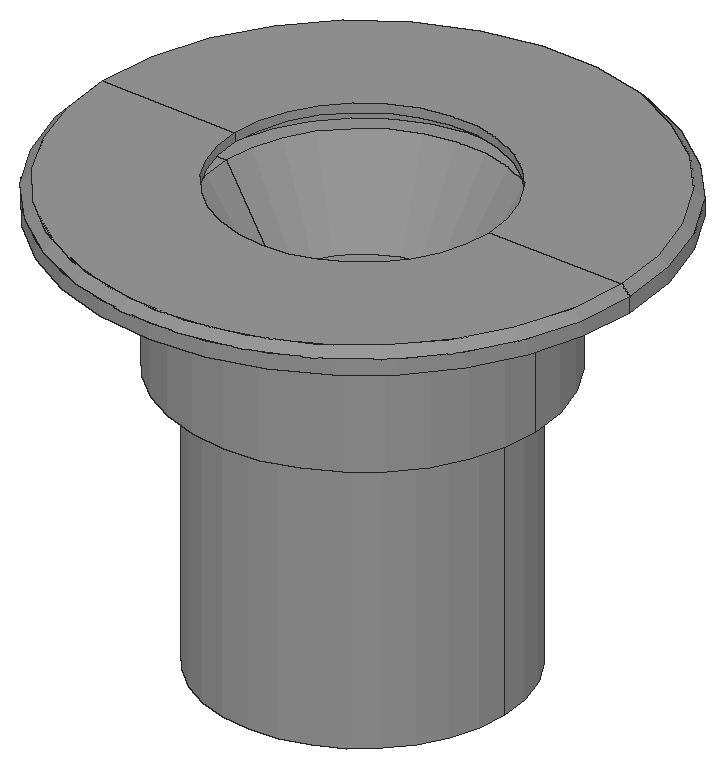
Revit family "0005172", category Lighting Fixtures, host Face, Revit 2017
Family settings
  Host = Face
  Round Connector Dimension = Use Diameter
  Part Type = Normal
  OmniClass Number = 23.80.70.00
  OmniClass Title = Lighting
  Cut with Voids When Loaded = No
  Light Source = No
  Shared = No
  Room Calculation Point = No
Parameters (values of type "0005172 START ECO SPOT ALU 660LM 830 IP44 BRA + WHT Refl")
  Weight = "kg"
  Wattage Comments = ""
  WarrantyStartDate [instance] = "n/a"
  WarrantyGuarantorParts = "n/a"
  WarrantyDurationUnit = "n/a"
  WarrantyDurationParts = "n/a"
  WarrantyDescription = "n/a"
  Voltage = 230 V
  URL = "http://www.sylvania-lighting.com"
  TypeName = "Start eco Spot Aluminium 740lm 830 IP44 BRA + WHT Refl"
  TypeLamp_SYL = START eco Spot Aluminium lamp : 0005172 START ECO SPOT ALU 660LM 830 IP44 BRA + WHT Refl
  Type Image = <None>
  Type Comments = "n/a"
  TiltAnfle_SYL [instance] = 0.00°
  SerialNumber [instance] = "n/a"
  PowerFactor = 0
  PowerConsumption = "9 W"
  NominalLength = 86 mm
  NominalHeight = 64 mm
  NominalDepth = 86 mm
  Name = "Start eco Spot Aluminium 740lm 830 IP44 BRA + WHT Refl"
  ModelReference = Name  # "Start eco Spot Aluminium 740lm 830 IP44 BRA + WHT Refl"
  ModelNumber = "0005172"
  Model = Name  # "Start eco Spot Aluminium 740lm 830 IP44 BRA + WHT Refl"
  Material = "n/a"
  ManufacturerName = "Feilo Sylvania"
  Manufacturer = "Feilo Sylvania"
  LuminousEfficacy = "82.22 lm/W"
  LuminaireType = ""
  LightOutputRatio = "n/a"
  LampsType = Lamp  # "LED"
  LampNominalLuminous = "740 lm"
  LampMacAdamStep = "n/a"
  LampColourTemperature = "3000 K"
  LampColourRenderingIndex = "80"
  Lamp = "LED"
  Keynote = "16500"
  InstallationDate [instance] = "n/a"
  InputVoltage = "220-240 V AC"
  InputNominalFrequency = "50/60 Hz"
  IngressProtection = "IP20/IP44"
  ImpactProtectionIndex = "IK03"
  IfcExportType = "IfcLightFixtureType"
  IfcExportAs = "IfcLightFixtureType"
  EndAngle_SYL [instance] = TiltAnfle_SYL + 180.00°  # 180.00°
  ElectricShockClassification = "Class II"
  DocumentationLiterature = "http://www.sylvania-lighting.com/product/en-int/products/0005172"
  DimmingControlOptions = "n/a"
  Material_2_SYL = Brushed Aluminum
  Description = "Integrated LED recessed spotlight, vertical tilt 30°, brushed aluminium bezel finish, black repleceable reflector, 660lm, 9.0W, dimmable trailing/leading edge, 3000K, 40° degree beam angle, polycarbonate and aluminium body, low profile 62mm recessed depth, IP44 from the front, IK03, loop-in/loop-out terminals for fast wiring, weight 0,165Kg, 85mm bezel diameter, 68-74mm cutout, clear lens. Additional white reflector included in the packaging. Lifetime: 30.000 hours at L70. Energy Class: A++, A+, A."
  Default Elevation = 1219.2 mm
  CreatedOn = "12/16/2019"
  CreatedBy = "@sylvania-lighting.com"
  Cost = 0
  built-in parameter 1114216 [instance] = (empty or 0)
  ClassificationValue = "EF_70_80"
  ClassificationName = "Uniclass2015"
  Material_1_SYL = Brushed Aluminum
  BarCode [instance] = "n/a"
  AssetType = "Fixed"
  AssetIdentifier [instance] = "n/a"
  Assembly Code = "D5020200"
  Apparent Load = 9 VA
Types (2, lengths in mm): name | TypeName | TypeLamp_SYL | Name | ModelReference | Model | LuminousEfficacy | LampNominalLuminous
  0005172 START ECO SPOT ALU 660LM 830 IP44 BRA + WHT Refl | "Start eco Spot Aluminium 740lm 830 IP44 BRA + WHT Refl" | START eco Spot Aluminium lamp : 0005172 START ECO SPOT ALU 660LM 830 IP44 BRA + WHT Refl | "Start eco Spot Aluminium 740lm 830 IP44 BRA + WHT Refl" | "Start eco Spot Aluminium 740lm 830 IP44 BRA + WHT Refl" | "Start eco Spot Aluminium 740lm 830 IP44 BRA + WHT Refl" | "82.22 lm/W" | "740 lm"
  0005172 START ECO SPOT ALU 660LM 830 IP44 BRA + BLK Refl | "Start eco Spot Aluminium 660lm 830 IP44 BRA + BLK Refl" | START eco Spot Aluminium lamp : 0005172 START ECO SPOT ALU 660LM 830 IP44 BRA + BLK Refl | "Start eco Spot Aluminium 660lm 830 IP44 BRA + BLK Refl" | "Start eco Spot Aluminium 660lm 830 IP44 BRA + BLK Refl" | "Start eco Spot Aluminium 660lm 830 IP44 BRA + BLK Refl" | "73.33 lm/W" | "660 lm"
Reference planes
  plane 1 "Center (Front/Back)": y = 0
  plane 2: z = 0
  plane 3 "Center (Left/Right)": x = 0
  plane 4: z = 4
  plane 5: z = 2.5
  plane 6: x = -47.8
  plane 7: x = -46.3
  plane 8: x = -24.2
  plane 9: x = -22.7
  plane 10: z = -10.75
  plane 11: x = -31
  plane 12: z = -25
  plane 13: z = -60
  plane 14: x = -27.4
Forms (mm)
  Revolve 1, solid, material "Brushed Aluminum" <- "Material_1_SYL"
    sketch origin (0, 0, 0) x (1, 0, 0) y (0, 0, 1)
      loop
        line (-22.7, 4) -> (-46.3, 4) -> (-47.8, 2.5) -> (-47.8, 0) -> (-31, 0) -> (-31, -25) -> (-27.4, -25) -> (-27.4, 2.5) -> (-22.7, 2.5) -> (-22.7, 4)
      axis (0, 4) -> (0, -25)
    angle from 360 to 0
  Revolve 2, void
    sketch origin (0, 0, 0) x (1, 0, 0) y (0, 0, 1)
      loop
        line (0, -70.042) -> (0, 0) -> (-31, 0) -> (-31, -70.042) -> (0, -70.042)
      axis (0, 0) -> (0, -70.042)
    angle from 360 to 0
  Revolve 3, solid, not visible
    sketch origin (-1534.635, -4572, -10.75) x (-1, 0, 0) y (0, -1, 0)
      loop
        line (-1534.635, -4572) -> (-1519.635, -4572) -> (-1519.635, -4564.52) -> (-1534.635, -4564.52) -> (-1534.635, -4572)
      axis (-1534.635, -4572) -> (-1519.635, -4572)
    angle from 0 <- "TiltAnfle_SYL" to 180 <- "EndAngle_SYL"
Dimensions and locks
  locked: plane 4 to plane 10 at 14.75
  aligned and locked: plane 2 to host face
  aligned and locked: level to host face
  aligned and locked: plane 4 to Revolve 1 sketch curve
  aligned and locked: plane 6 to Revolve 1 sketch curve
  aligned and locked: Revolve 1 sketch curve to plane 6
  aligned and locked: Revolve 1 sketch curve to level
  aligned and locked: Revolve 1 sketch curve to plane 11
  aligned and locked: Revolve 2 sketch curve to plane 3 "Center (Left/Right)"  (x2)
  aligned and locked: Revolve 1 to Revolve 2 sketch curve
  aligned and locked: Revolve 2 sketch curve to Revolve 1
  aligned and locked: Revolve 1 sketch curve to plane 3 "Center (Left/Right)"
  aligned and locked: Revolve 3 sketch curve to plane 1 "Center (Front/Back)"
  aligned and locked: Revolve 3 sketch curve to Revolve 3 sketch curve
  aligned and locked: plane 3 "Center (Left/Right)" to Revolve 3 sketch curve
  aligned and locked: plane 3 "Center (Left/Right)" to nested 1
  aligned and locked: Revolve 1 sketch curve to plane 14
  aligned and locked: Revolve 1 sketch curve to plane 5
Nested families
  nested 1: "START eco Spot Aluminium lamp" at (0, 0, -10.75), type <- "TypeLamp_SYL", type "0005172 START ECO SPOT ALU 660LM 830 IP44 BRA + WHT Refl"
    with WarrantyStartDate "n/a", SerialNumber "n/a", InstallationDate "n/a", built-in parameter 1114216 (empty or 0), BarCode "n/a", AssetIdentifier "n/a"
Connectors
  electrical at (0, 0, -60), driven by "PowerFactor", driven by "Apparent Load", driven by "Voltage"
    settings: on Revolve 1, index 1, voltage 230 V, apparent load 9 VA, apparent load phase1 0 VA, apparent load phase2 0 VA, apparent load phase3 0 VA, power factor 0, load classification "Other", number of poles 1, system type 30, power factor state 1, is connector primary yes, connector utility no, sub classification motor no, connector description ""
Definition of nested family "START eco Spot Aluminium lamp"
  Parameters (values of type "0005177 START ECO SPOT ALU 760LM 840 IP65 BRA")
    Weight = "kg"
    Wattage Comments = ""
    Wattage = 9 W
    WarrantyStartDate [instance] = "n/a"
    WarrantyGuarantorParts = "n/a"
    WarrantyDurationUnit = "n/a"
    WarrantyDurationParts = "n/a"
    WarrantyDescription = "n/a"
    built-in parameter 1150110 = 1 (stored number, unit not read)
    Voltage = 230 V
    URL = "http://www.sylvania-lighting.com"
    TypeName = "Start eco Spot Aluminium 760lm 840 IP65 BRA"
    Type Image = (empty or 0)
    Type Comments = "n/a"
    built-in parameter 1114217 = 1 (stored number, unit not read)
    Tilt Angle = -90.00°
    built-in parameter 1150109 = 1 (stored number, unit not read)
    built-in parameter 1150134 = 12
    built-in parameter 1150113 = 1 (stored number, unit not read)
    SerialNumber [instance] = "n/a"
    Photometric Web File = "0005177.ies"
    Material_3_SYL = none
    PowerFactor = 0
    PowerConsumption = "n/a"
    NominalLength = 0 mm
    NominalHeight = 0 mm
    NominalDepth = 0 mm
    Name = "Start eco Spot Aluminium 760lm 840 IP65 BRA"
    ModelReference = Name  # "Start eco Spot Aluminium 760lm 840 IP65 BRA"
    ModelNumber = "0005177"
    Model = Name  # "Start eco Spot Aluminium 760lm 840 IP65 BRA"
    Material = "n/a"
    ManufacturerName = "Feilo Sylvania"
    Manufacturer = "Feilo Sylvania"
    LuminousEfficacy = "n/a"
    built-in parameter 1150105 = 60.479 (stored number, unit not read)
    Lumens = 760 lm
    LuminaireType = ""
    built-in parameter 1150115 = 1 (stored number, unit not read)
    LightOutputRatio = "n/a"
    built-in parameter 1150137 = (empty or 0)
    built-in parameter 1150139 = (empty or 0)
    LampsType = Lamp  # "LED"
    LampNominalLuminous = "n/a"
    LampMacAdamStep = "n/a"
    LampColourTemperature = "n/a"
    LampColourRenderingIndex = "n/a"
    built-in parameter 1150112 = 1 (stored number, unit not read)
    built-in parameter 1150114 = 1 (stored number, unit not read)
    Lamp = "LED"
    Keynote = "16500"
    InstallationDate [instance] = "n/a"
    InputVoltage = "n/a"
    InputNominalFrequency = "n/a"
    built-in parameter 1150132 = (empty or 0)
    built-in parameter 1150102 = (empty or 0)
    built-in parameter 1150107 = 4000 (stored number, unit not read)
    built-in parameter 1150138 = (empty or 0)
    IngressProtection = "n/a"
    ImpactProtectionIndex = "n/a"
    built-in parameter 1150106 = 0.60479 (stored number, unit not read)
    IfcExportType = "IfcLightFixtureType"
    IfcExportAs = "IfcLightFixtureType"
    Emit from Circle Diameter = 48.4 mm
    Emit Shape Visible in Rendering = no
    ElectricShockClassification = "Class II"
    built-in parameter 1150104 = 7.8451 (stored number, unit not read)
    DocumentationLiterature = "http://www.sylvania-lighting.com/product/en-int/products/0005177"
    DimmingControlOptions = "n/a"
    Material_2_SYL = none
    Dimming Lamp Color Temperature Shift = (empty or 0)
    Description = "Integrated LED recessed spotlight, vertical tilt 30°, brushed aluminium bezel finish, black reflector, 760lm, 9.0W, dimmable trailing/leading edge, 4000K, 40° degree beam angle, polycarbonate and aluminium body, low profile 62mm recessed depth, IP65 from the front, IK03, loop-in/loop-out terminals for fast wiring, weight 0,165Kg, 85mm bezel diameter, 68-74mm cutout, clear lens. Lifetime: 30.000 hours at L70. Energy Class: A++, A+, A."
    Default Elevation = 1219.2 mm
    CreatedOn = "12/16/2019"
    CreatedBy = "@sylvania-lighting.com"
    Cost = 0
    Color Filter = 16777215
    built-in parameter 1114216 [instance] = (empty or 0)
    ClassificationValue = "EF_70_80"
    ClassificationName = "Uniclass2015"
    Material_1_SYL = none
    BarCode [instance] = "n/a"
    built-in parameter 1114218 = 1 (stored number, unit not read)
    built-in parameter 1150133 = 10 (stored number, unit not read)
    AssetType = "Fixed"
    AssetIdentifier [instance] = "n/a"
    Assembly Code = "D5020200"
    Apparent Load = 9 VA
    Material_4_SYL = none
  Types (12, lengths in mm): name | TypeName | built-in parameter 1150134 | Photometric Web File | Name | ModelReference | ModelNumber | Model | built-in parameter 1150105 | Lumens | built-in parameter 1150107 | built-in parameter 1150106 | built-in parameter 1150104 | DocumentationLiterature | Description
    0005177 START ECO SPOT ALU 760LM 840 IP65 BRA | "Start eco Spot Aluminium 760lm 840 IP65 BRA" | 12 | "0005177.ies" | "Start eco Spot Aluminium 760lm 840 IP65 BRA" | "Start eco Spot Aluminium 760lm 840 IP65 BRA" | "0005177" | "Start eco Spot Aluminium 760lm 840 IP65 BRA" | 60.479 (stored number, unit not read) | 760 lm | 4000 (stored number, unit not read) | 0.60479 (stored number, unit not read) | 7.8451 (stored number, unit not read) | "http://www.sylvania-lighting.com/product/en-int/products/0005177" | "Integrated LED recessed spotlight, vertical tilt 30°, brushed aluminium bezel finish, black reflector, 760lm, 9.0W, dimmable trailing/leading edge, 4000K, 40° degree beam angle, polycarbonate and aluminium body, low profile 62mm recessed depth, IP65 from the front, IK03, loop-in/loop-out terminals for fast wiring, weight 0,165Kg, 85mm bezel diameter, 68-74mm cutout, clear lens. Lifetime: 30.000 hours at L70. Energy Class: A++, A+, A."
    0005176 START ECO SPOT ALU 660LM 830 IP65 BRA | "Start eco Spot Aluminium 660lm 830 IP65 BRA" | (empty or 0) | "0005176.ies" | "Start eco Spot Aluminium 660lm 830 IP65 BRA" | "Start eco Spot Aluminium 660lm 830 IP65 BRA" | "0005176" | "Start eco Spot Aluminium 660lm 830 IP65 BRA" | 52.521 (stored number, unit not read) | 660 lm | 3000 (stored number, unit not read) | 0.52521 (stored number, unit not read) | 6.8129 (stored number, unit not read) | "http://www.sylvania-lighting.com/product/en-int/products/0005176" | "Integrated LED recessed spotlight, vertical tilt 30°, brushed aluminium bezel finish, black reflector, 660lm, 9.0W, dimmable trailing/leading edge, 3000K, 40° degree beam angle, polycarbonate and aluminium body, low profile 62mm recessed depth, IP65 from the front, IK03, loop-in/loop-out terminals for fast wiring, weight 0,165Kg, 85mm bezel diameter, 68-74mm cutout, clear lens. Lifetime: 30.000 hours at L70. Energy Class: A++, A+, A."
    0005175 START ECO SPOT ALU 800LM 840 IP65 WHT | "Start eco Spot Aluminium 800lm 840 IP65 WHT" | 12 | "0005175.ies" | "Start eco Spot Aluminium 800lm 840 IP65 WHT" | "Start eco Spot Aluminium 800lm 840 IP65 WHT" | "0005175" | "Start eco Spot Aluminium 800lm 840 IP65 WHT" | 63.662 (stored number, unit not read) | 800 lm | 4000 (stored number, unit not read) | 0.63662 (stored number, unit not read) | 8.258 (stored number, unit not read) | "http://www.sylvania-lighting.com/product/en-int/products/0005175" | "Integrated LED recessed spotlight, vertical tilt 30°, white bezel colour, white reflector, 800lm, 9.0W, dimmable trailing/leading edge, 4000K, 40° degree beam angle, polycarbonate and aluminium body, low profile 62mm recessed depth, IP65 from the front, IK03, loop-in/loop-out terminals for fast wiring, weight 0,165Kg, 85mm bezel diameter, 68-74mm cutout, clear lens. Lifetime: 30.000 hours at L70. Energy Class: A++, A+, A."
    0005174 START ECO SPOT ALU 740LM 830 IP65 WHT | "Start eco Spot Aluminium 740lm 830 IP65 WHT" | (empty or 0) | "0005174.ies" | "Start eco Spot Aluminium 740lm 830 IP65 WHT" | "Start eco Spot Aluminium 740lm 830 IP65 WHT" | "0005174" | "Start eco Spot Aluminium 740lm 830 IP65 WHT" | 58.887 (stored number, unit not read) | 740 lm | 3000 (stored number, unit not read) | 0.58887 (stored number, unit not read) | 7.6387 (stored number, unit not read) | "http://www.sylvania-lighting.com/product/en-int/products/0005174" | "Integrated LED recessed spotlight, vertical tilt 30°, white bezel colour, white reflector, 740lm, 9.0W, dimmable trailing/leading edge, 3000K, 40° degree beam angle, polycarbonate and aluminium body, low profile 62mm recessed depth, IP65 from the front, IK03, loop-in/loop-out terminals for fast wiring, weight 0,165Kg, 85mm bezel diameter, 68-74mm cutout, clear lens. Lifetime: 30.000 hours at L70. Energy Class: A++, A+, A."
    0005173 START ECO SPOT ALU 760LM 840 IP44 BRA + BLK Refl | "Start eco Spot Aluminium 760lm 840 IP44 BRA + BLK Refl" | 12 | "0005173_BLK_REFL.ies" | "Start eco Spot Aluminium 760lm 840 IP44 BRA + BLK Refl" | "Start eco Spot Aluminium 760lm 840 IP44 BRA + BLK Refl" | "0005173" | "Start eco Spot Aluminium 760lm 840 IP44 BRA + BLK Refl" | 60.479 (stored number, unit not read) | 760 lm | 4000 (stored number, unit not read) | 0.60479 (stored number, unit not read) | 7.8451 (stored number, unit not read) | "http://www.sylvania-lighting.com/product/en-int/products/0005173" | "Integrated LED recessed spotlight, vertical tilt 30°, brushed aluminium bezel finish, black repleceable reflector, 760lm, 9.0W, dimmable trailing/leading edge, 4000K, 40° degree beam angle, polycarbonate and aluminium body, low profile 62mm recessed depth, IP44 from the front, IK03, loop-in/loop-out terminals for fast wiring, weight 0,165Kg, 85mm bezel diameter, 68-74mm cutout, clear lens. Additional white reflector included in the packaging. Lifetime: 30.000 hours at L70. Energy Class: A++, A+, A."
    0005173 START ECO SPOT ALU 760LM 840 IP44 BRA + WHT Refl | "Start eco Spot Aluminium 800lm 840 IP44 BRA + WHT Refl" | 12 | "0005173_WHT_REFL.ies" | "Start eco Spot Aluminium 800lm 840 IP44 BRA + WHT Refl" | "Start eco Spot Aluminium 800lm 840 IP44 BRA + WHT Refl" | "0005173" | "Start eco Spot Aluminium 800lm 840 IP44 BRA + WHT Refl" | 63.662 (stored number, unit not read) | 800 lm | 4000 (stored number, unit not read) | 0.63662 (stored number, unit not read) | 8.258 (stored number, unit not read) | "http://www.sylvania-lighting.com/product/en-int/products/0005173" | "Integrated LED recessed spotlight, vertical tilt 30°, brushed aluminium bezel finish, black repleceable reflector, 760lm, 9.0W, dimmable trailing/leading edge, 4000K, 40° degree beam angle, polycarbonate and aluminium body, low profile 62mm recessed depth, IP44 from the front, IK03, loop-in/loop-out terminals for fast wiring, weight 0,165Kg, 85mm bezel diameter, 68-74mm cutout, clear lens. Additional white reflector included in the packaging. Lifetime: 30.000 hours at L70. Energy Class: A++, A+, A."
    0005172 START ECO SPOT ALU 660LM 830 IP44 BRA + BLK Refl | "Start eco Spot Aluminium 660lm 830 IP44 BRA + BLK Refl" | (empty or 0) | "0005172_BLK_REFL.ies" | "Start eco Spot Aluminium 660lm 830 IP44 BRA + BLK Refl" | "Start eco Spot Aluminium 660lm 830 IP44 BRA + BLK Refl" | "0005172" | "Start eco Spot Aluminium 660lm 830 IP44 BRA + BLK Refl" | 52.521 (stored number, unit not read) | 660 lm | 3000 (stored number, unit not read) | 0.52521 (stored number, unit not read) | 6.8129 (stored number, unit not read) | "http://www.sylvania-lighting.com/product/en-int/products/0005172" | "Integrated LED recessed spotlight, vertical tilt 30°, brushed aluminium bezel finish, black repleceable reflector, 660lm, 9.0W, dimmable trailing/leading edge, 3000K, 40° degree beam angle, polycarbonate and aluminium body, low profile 62mm recessed depth, IP44 from the front, IK03, loop-in/loop-out terminals for fast wiring, weight 0,165Kg, 85mm bezel diameter, 68-74mm cutout, clear lens. Additional white reflector included in the packaging. Lifetime: 30.000 hours at L70. Energy Class: A++, A+, A."
    0005172 START ECO SPOT ALU 660LM 830 IP44 BRA + WHT Refl | "Start eco Spot Aluminium 740lm 830 IP44 BRA + WHT Refl" | (empty or 0) | "0005172_WHT_REFL.ies" | "Start eco Spot Aluminium 740lm 830 IP44 BRA + WHT Refl" | "Start eco Spot Aluminium 740lm 830 IP44 BRA + WHT Refl" | "0005172" | "Start eco Spot Aluminium 740lm 830 IP44 BRA + WHT Refl" | 58.887 (stored number, unit not read) | 740 lm | 3000 (stored number, unit not read) | 0.58887 (stored number, unit not read) | 7.6387 (stored number, unit not read) | "http://www.sylvania-lighting.com/product/en-int/products/0005172" | "Integrated LED recessed spotlight, vertical tilt 30°, brushed aluminium bezel finish, black repleceable reflector, 660lm, 9.0W, dimmable trailing/leading edge, 3000K, 40° degree beam angle, polycarbonate and aluminium body, low profile 62mm recessed depth, IP44 from the front, IK03, loop-in/loop-out terminals for fast wiring, weight 0,165Kg, 85mm bezel diameter, 68-74mm cutout, clear lens. Additional white reflector included in the packaging. Lifetime: 30.000 hours at L70. Energy Class: A++, A+, A."
    0005171 START ECO SPOT ALU 800LM 840 IP44 WHT + BLK Refl | "Start eco Spot Aluminium 760lm 840 IP44 WHT + BLK Refl" | 12 | "0005171_BLK_REFL.ies" | "Start eco Spot Aluminium 760lm 840 IP44 WHT + BLK Refl" | "Start eco Spot Aluminium 760lm 840 IP44 WHT + BLK Refl" | "0005171" | "Start eco Spot Aluminium 760lm 840 IP44 WHT + BLK Refl" | 60.479 (stored number, unit not read) | 760 lm | 4000 (stored number, unit not read) | 0.60479 (stored number, unit not read) | 7.8451 (stored number, unit not read) | "http://www.sylvania-lighting.com/product/en-int/products/0005171" | "Integrated LED recessed spotlight, vertical tilt 30°, white bezel colour, white repleceable reflector, 800lm, 9.0W, dimmable trailing/leading edge, 4000K, 40° degree beam angle, polycarbonate and aluminium body, low profile 62mm recessed depth, IP44 from the front, IK03, loop-in/loop-out terminals for fast wiring, weight 0,165Kg, 85mm bezel diameter, 68-74mm cutout, clear lens. Additional black reflector included in the packaging. Lifetime: 30.000 hours at L70. Energy Class: A++, A+, A."
    0005171 START ECO SPOT ALU 800LM 840 IP44 WHT + WHT Refl | "Start eco Spot Aluminium 800lm 840 IP44 WHT + WHT Refl" | 12 | "0005171_WHT_REFL.ies" | "Start eco Spot Aluminium 800lm 840 IP44 WHT + WHT Refl" | "Start eco Spot Aluminium 800lm 840 IP44 WHT + WHT Refl" | "0005171" | "Start eco Spot Aluminium 800lm 840 IP44 WHT + WHT Refl" | 63.662 (stored number, unit not read) | 800 lm | 4000 (stored number, unit not read) | 0.63662 (stored number, unit not read) | 8.258 (stored number, unit not read) | "http://www.sylvania-lighting.com/product/en-int/products/0005171" | "Integrated LED recessed spotlight, vertical tilt 30°, white bezel colour, white repleceable reflector, 800lm, 9.0W, dimmable trailing/leading edge, 4000K, 40° degree beam angle, polycarbonate and aluminium body, low profile 62mm recessed depth, IP44 from the front, IK03, loop-in/loop-out terminals for fast wiring, weight 0,165Kg, 85mm bezel diameter, 68-74mm cutout, clear lens. Additional black reflector included in the packaging. Lifetime: 30.000 hours at L70. Energy Class: A++, A+, A."
    0005170 START ECO SPOT ALU 740LM 830 IP44 WHT + BLK Refl | "Start eco Spot Aluminium 660lm 830 IP44 WHT + BLK Refl" | (empty or 0) | "0005170_BLK_REFL.ies" | "Start eco Spot Aluminium 660lm 830 IP44 WHT + BLK Refl" | "Start eco Spot Aluminium 660lm 830 IP44 WHT + BLK Refl" | "0005170" | "Start eco Spot Aluminium 660lm 830 IP44 WHT + BLK Refl" | 52.521 (stored number, unit not read) | 660 lm | 3000 (stored number, unit not read) | 0.52521 (stored number, unit not read) | 6.8129 (stored number, unit not read) | "http://www.sylvania-lighting.com/product/en-int/products/0005170" | "Integrated LED recessed spotlight, vertical tilt 30°, white bezel colour, white repleceable reflector, 740lm, 9.0W, dimmable trailing/leading edge, 3000K, 40° degree beam angle, polycarbonate and aluminium body, low profile 62mm recessed depth, IP44 from the front, IK03, loop-in/loop-out terminals for fast wiring, weight 0,165Kg, 85mm bezel diameter, 68-74mm cutout, clear lens. Additional black reflector included in the packaging. Lifetime: 30.000 hours at L70. Energy Class: A++, A+, A."
    0005170 START ECO SPOT ALU 740LM 830 IP44 WHT + WHT Refl | "Start eco Spot Aluminium 740lm 830 IP44 WHT + WHT Refl" | (empty or 0) | "0005170_WHT_REFL.ies" | "Start eco Spot Aluminium 740lm 830 IP44 WHT + WHT Refl" | "Start eco Spot Aluminium 740lm 830 IP44 WHT + WHT Refl" | "0005170" | "Start eco Spot Aluminium 740lm 830 IP44 WHT + WHT Refl" | 58.887 (stored number, unit not read) | 740 lm | 3000 (stored number, unit not read) | 0.58887 (stored number, unit not read) | 7.6387 (stored number, unit not read) | "http://www.sylvania-lighting.com/product/en-int/products/0005170" | "Integrated LED recessed spotlight, vertical tilt 30°, white bezel colour, white repleceable reflector, 740lm, 9.0W, dimmable trailing/leading edge, 3000K, 40° degree beam angle, polycarbonate and aluminium body, low profile 62mm recessed depth, IP44 from the front, IK03, loop-in/loop-out terminals for fast wiring, weight 0,165Kg, 85mm bezel diameter, 68-74mm cutout, clear lens. Additional black reflector included in the packaging. Lifetime: 30.000 hours at L70. Energy Class: A++, A+, A."
  Reference planes
    plane 1 "Center (Front/Back)": y = 0
    plane 2: z = 0
    plane 3 "Center (Left/Right)": x = 0
    plane 4: x = -27.3
    plane 5: z = 9.8
    plane 6: x = -24.3
    plane 7: x = -15.2
    plane 8: x = -25.4
    plane 9: z = -6
    plane 10: z = -7
    plane 11: z = -61.6
    plane 12: z = -5.2
  Forms (mm)
    Extrusion 1, solid
      sketch origin (1159.2, -1159.2, 0) x (1, 0, 0) y (0, 1, 0)
        loop
          line (-1219.2, 1219.2) -> (-1219.2, 1099.2) -> (-1099.2, 1099.2) -> (-1099.2, 1219.2) -> (-1219.2, 1219.2)
      from 0 to -68.017
    Revolve 2, solid, material <- "Material_1_SYL"
      sketch origin (0, 0, 0) x (1, 0, 0) y (0, 0, 1)
        loop
          line (0, -5.2) -> (-15.2, -5.2) -> (-24.3, 9.8) -> (-27.3, 9.8) -> (-27.3, -6) -> (-25.4, -7) -> (-25.4, -61.6) -> (0, -61.6) -> (0, -5.2)
        axis (0, 9.8) -> (0, -61.6)
      angle from 360 to 0
  Dimensions and locks
    locked: plane 3 "Center (Left/Right)" to plane 4 at 27.3
    locked: plane 5 to plane 2 at 9.8
    plane 3 "Center (Left/Right)" to plane 7 to plane 6 to plane 8 = 15.2 mm locked, 9.1 mm locked, 1.1 mm locked
    plane 2 to plane 9 to plane 10 = 6 mm locked, 1 mm locked
    locked: plane 2 to plane 11 at 61.6
    locked: plane 5 to plane 12 at 15
    aligned and locked: plane 2 to Extrusion 1
    aligned and locked: level to Extrusion 1
    aligned and locked: imposter light to plane 1 "Center (Front/Back)"
    aligned and locked: Revolve 2 sketch curve to plane 3 "Center (Left/Right)"
    aligned and locked: plane 3 "Center (Left/Right)" to Revolve 2 sketch curve  (x2)
    aligned and locked: plane 7 to Revolve 2 sketch curve
    aligned and locked: Revolve 2 sketch curve to plane 12
    aligned and locked: plane 6 to Revolve 2 sketch curve
    aligned and locked: Revolve 2 sketch curve to plane 5
    aligned and locked: Revolve 2 sketch curve to plane 4
    aligned and locked: plane 10 to Revolve 2 sketch curve
    aligned and locked: Revolve 2 sketch curve to plane 8
    aligned and locked: Revolve 2 sketch curve to plane 11
    aligned and locked: imposter light to plane 5
